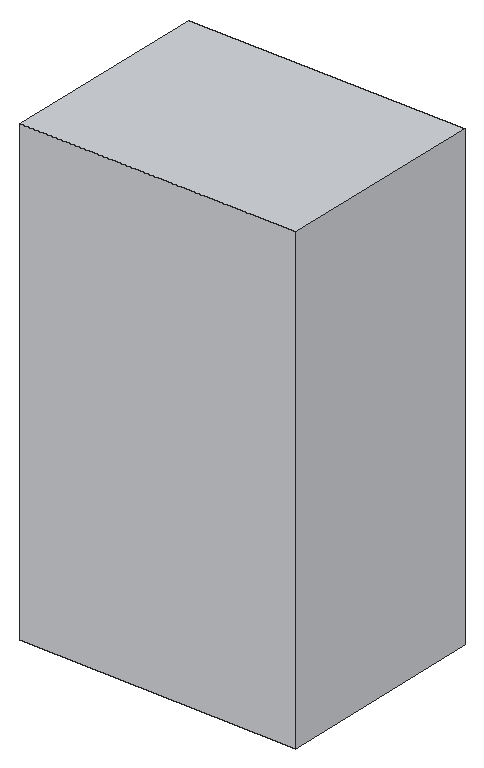
Revit family
Parameters
  Warranty Duration (Years) = 0
  Unit Width [instance] = 1' - 2 1/8"
  Unit Height [instance] = 1' - 8 3/16"
  Unit Depth = 0' - 0"
  URL = "http://www.americanspecialties.com/viewCategories.cfm"
  Trim Material = Glass
  Test Data = ""
  Specification = "http://www.arcat.com/sdspecs/htm/10810asi.htm"
  SpecWizard = ""
  Send Message = "http://www.arcat.com/users.pl?action=UserEmail&company=American%20Specialties,%20Inc.&coid=30448&rep=139&fax=914-476-0688&mf="
  Sales Information = "http://www.americanspecialties.com/contact"
  Revision = "R1_10-2010"
  Product Properties = "http://www.americanspecialties.com/datasheets/83381.pdf"
  Product Data = "http://www.arcat.com/arcatcos/cos30/arc30448.html"
  Model = "As Specified in 10 28 13"
  Manufacturer Website = "http://www.americanspecialties.com/viewCategories.cfm"
  Manufacturer Phone - Toll Free = ""
  Manufacturer Phone = "914-476-9000 "
  Manufacturer Fax = "914-476-0688"
  Manufacturer Address = "441 Saw Mill River Rd., Yonkers, NY 10701"
  Manufacturer = "American Specialties, Inc."
  Maintenance Schedule (Months) = 0
  Keynote = "10 28 13"
  Installation-Fabrication = "http://www.americanspecialties.com/products.cfm"
  Green Building-LEED = ""
  Expected Lifespan (Years) = 0
  Drawn By = "Robert S. Weygant. CSI, CDT, SCIP"  # constant formula
  Description = "Toilet Accessory as Specified in 10 28 13"
  Default Elevation = 4' - 0"
  Copyright = "©Arcat Inc."
  Construction Details = "http://www.arcat.com/green/clients/leed_data_30448.html"
  Building Codes = "http://www.americanspecialties.com/products.cfm"
  Body Material = Metal - Stainless Steel
  Assembly Code = "C1030210"
Reference planes (in)
  plane 1 "Center (Front/Back)": y = 0.39925
  plane 2 "Floor Line": z = 0
  plane 3 "Center (Left/Right)": x = -0.65843
  plane 4: z = 58.09375
  plane 5: x = -7.72093
  plane 6: x = 6.40407
  plane 7: z = 48
  plane 8: z = 68.1875
  plane 9: y = 10.493
  plane 10: y = -9.6945
  plane 11: z = 5
  plane 12: z = 5.5
  plane 13: z = 5.25
  plane 14: y = -2.6945
  plane 15: y = 3.493
Forms (in)
  Extrusion 1, solid
    sketch origin (-3, -9, -6) x (0, 0, -1) y (1, 0, 0)
      loop
        line (-82, 26) -> (-82, -19.34712) -> (-6, -19.34712) -> (-6, 26) -> (-82, 26)
    from 9 to -25.60721
  Extrusion 2, solid, material "Metal - Stainless Steel" <- "Body Material"
    sketch origin (0, 0, 0) x (1, 0, 0) y (0, 1, 0)
      loop
        line (-7.72093, 10.493) -> (-7.72093, -9.6945) -> (6.40407, -9.6945) -> (6.40407, 10.493) -> (-7.72093, 10.493)
      loop
        line (-7.22093, 9.993) -> (-7.22093, -9.1945) -> (5.90407, -9.1945) -> (5.90407, 9.993) -> (-7.22093, 9.993)
    from 5 to 5.5
  Extrusion 3, solid, material "Glass" <- "Trim Material"
    sketch origin (0, 0, 0) x (1, 0, 0) y (0, 1, 0)
      loop
        line (-7.22093, 9.993) -> (-7.22093, -9.1945) -> (5.90407, -9.1945) -> (5.90407, 9.993) -> (-7.22093, 9.993)
    from 5 to 5.25
  Extrusion 4, solid, material "Metal - Stainless Steel" <- "Body Material"
    sketch origin (0, 0, 0) x (1, 0, 0) y (0, 1, 0)
      loop
        line (-7.37718, 8.99306) -> (-7.37718, -8.1945) -> (6.06032, -8.1945) -> (6.06032, 8.99306) -> (-7.37718, 8.99306)
    from 0 to 5
  Extrusion 5, void
    sketch origin (0, 0, 0) x (1, 0, 0) y (0, 1, 0)
      loop
        line (-6.37718, 7.99306) -> (-6.37718, -7.1945) -> (5.06032, -7.1945) -> (5.06032, 7.99306) -> (-6.37718, 7.99306)
    from 0.13841 to 5
  Extrusion 6, solid, material "Metal - Stainless Steel" <- "Body Material"
    sketch origin (0, 0, 0) x (1, 0, 0) y (0, 1, 0)
      loop
        line (-6.37718, -2.44447) -> (-6.37718, -2.94447) -> (5.06032, -2.94447) -> (5.06032, -2.44447) -> (-6.37718, -2.44447)
    from 0.13841 to 5
  Extrusion 7, solid, material "Metal - Stainless Steel" <- "Body Material"
    sketch origin (0, 0.986, 0) x (1, 0, 0) y (0, 1, 0)
      loop
        line (-6.37718, 2.25697) -> (5.06032, 2.25697) -> (5.06032, 2.75697) -> (-6.37718, 2.75697) -> (-6.37718, 2.25697)
    from 0.13841 to 5
Cuts and joins
  Extrusion 5 cuts Extrusion 2
  Extrusion 5 cuts Extrusion 3
  Extrusion 5 cuts Extrusion 4
Dimensions and locks (in)
  equal spacing: plane 8, plane 4, plane 7
  equal spacing: plane 6, plane 3 "Center (Left/Right)", plane 5
  "Unit Width": plane 6 to plane 5
  "Unit Height": plane 8 to plane 7
  "Default Elevation": plane 7 to plane 2 "Floor Line"
  "Unit Height": plane 9 to plane 10
  equal spacing: plane 9, plane 1 "Center (Front/Back)", plane 10
  locked: Extrusion 2 sketch curve to Extrusion 2 sketch curve at 0.5  (x4)
  locked: plane 11 to level at 5
  plane 12 to plane 11 = 0' - 0 1/2"
  equal spacing: plane 12, plane 13, plane 11
  locked: plane 5 to Extrusion 4 sketch curve at 0.34375
  locked: Extrusion 4 sketch curve to plane 6 at 0.34375
  locked: Extrusion 4 sketch curve to plane 10 at 1.5
  locked: Extrusion 4 sketch curve to plane 9 at 1.49994
  locked: Extrusion 5 sketch curve to Extrusion 4 at 1  (x2)
  locked: Extrusion 4 to Extrusion 5 sketch curve at 1  (x2)
  locked: cut or joined group of Extrusion 4, Extrusion 5 to plane 2 "Floor Line" at 0.13841
  locked: plane 9 to plane 15 at 7
  locked: plane 14 to plane 10 at 7
  aligned and locked: Extrusion 1 to level
  aligned and locked: plane 5 to Extrusion 2 sketch curve
  aligned and locked: Extrusion 2 sketch curve to plane 9
  aligned and locked: plane 10 to Extrusion 2 sketch curve
  aligned and locked: Extrusion 2 sketch curve to plane 6
  aligned and locked: plane 12 to Extrusion 2
  aligned and locked: Extrusion 2 to plane 11
  aligned and locked: Extrusion 2 to Extrusion 3 sketch curve
  aligned and locked: Extrusion 3 sketch curve to Extrusion 2  (x3)
  aligned and locked: Extrusion 3 to plane 11
  aligned and locked: plane 13 to Extrusion 3
  aligned and locked: plane 11 to Extrusion 4
  aligned and locked: Extrusion 4 to plane 2 "Floor Line"
  aligned and locked: Extrusion 5 to Extrusion 2
  aligned and locked: Extrusion 6 to cut or joined group of Extrusion 4, Extrusion 5
  aligned and locked: plane 11 to Extrusion 6
Automatic sketch dimensions
  Extrusion 1 sketch curve to Extrusion 1 sketch curve = 6' - 4"
  Extrusion 1 sketch curve to Extrusion 1 sketch curve = 3' - 9.34712"
  Extrusion 6 sketch curve to plane 14 = 0' - 0.24997"
  plane 5 to Extrusion 6 sketch curve = 0' - 1 11/32"
  Extrusion 6 sketch curve to plane 6 = 0' - 1 11/32"
  plane 14 to Extrusion 6 sketch curve = 0' - 0.25003"
  plane 15 to Extrusion 7 sketch curve = 0' - 0.24997"
  Extrusion 7 sketch curve to plane 5 = 0' - 1 11/32"
  plane 6 to Extrusion 7 sketch curve = 0' - 1 11/32"
  Extrusion 7 sketch curve to plane 15 = 0' - 0.25003"
